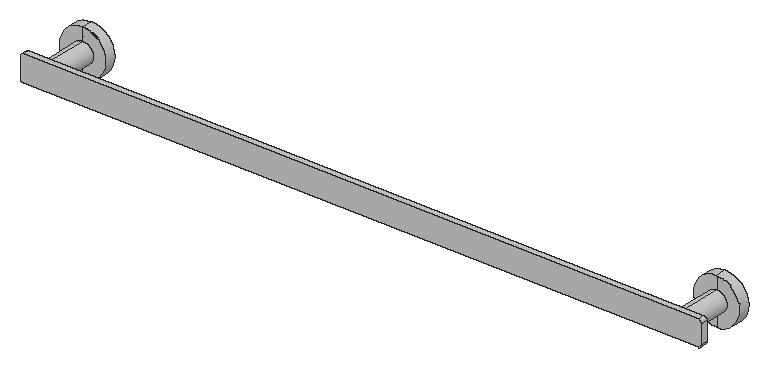
Revit family "Reece_Accessory_Milli_Marle Edit_Single Towel Rail", category Plumbing Fixtures, host Face, Revit 2018
Family settings
  Host = Face
  Round Connector Dimension = Use Diameter
  Part Type = Normal
  Cut with Voids When Loaded = Yes
  Shared = Yes
  Room Calculation Point = Yes
Parameters (values of type "600 mm_Brushed Nickel")
  URL = "https://www.reece.com.au/product/-9510546"
  Type Comments = "Accessory"
  Reece_Product_Web Page = "https://www.reece.com.au/product/-9510546"
  Reece_Product_Type = "Accessory"  # constant formula
  Reece_Product_Sub Brand = "Marle Edit"  # constant formula
  Reece_Product_Number = "9510546"
  Reece_Product_Mount = "Wall Mounted"
  Reece_Product_Description = "Milli Marle Edit Single Towel Rail 600mm Brushed Nickel"
  Reece_Product_Brand = "Milli"  # constant formula
  Reece_Overall_Width = 645 mm
  Reece_Overall_Projection = 56 mm  # constant formula
  Reece_Material_Main = Reece_Brass_Brushed Nickel
  Reece_Height_From_Level = 1000 mm
  Reece_Fixing Point_Distance = 600 mm
  Reece_Detail_Shape = ""
  Reece_Detail_Installation = ""
  Reece_Detail_Disclaimer = "THIS FILE IS THE PROPERTY OF THE REECE GROUP. IT MAY NOT BE REPRODUCED, REVERSE-ENGINEERED OR MODIFIED. ANY REPUBLICATION, TRANSMISSION OR DISTRIBUTION FOR THE PURPOSE OF COMMERCIALLY EXPLOITING THE FILES IS PROHIBITED."  # constant formula
  Reece_Detail_Connector = ""
  Reece_Detail_Additional = "Single Towel Rail"  # constant formula
  Model = "Marle Edit"
  Manufacturer = "Milli"
  Keynote = "Product #9510546, Reece_Accessory_Milli_Marle Edit_Single Towel Rail - 600 mm_Brushed Nickel"
  Disclaimer = "THIS FILE IS THE PROPERTY OF THE REECE GROUP. IT MAY NOT BE REPRODUCED, REVERSE-ENGINEERED OR MODIFIED. ANY REPUBLICATION, TRANSMISSION OR DISTRIBUTION FOR THE PURPOSE OF COMMERCIALLY EXPLOITING THE FILES IS PROHIBITED."  # constant formula
  Description = "Milli Marle Edit Single Towel Rail 600mm Brushed Nickel"
  Default Elevation = 0 mm
Types (11, lengths in mm): name | URL | Reece_Product_Web Page | Reece_Product_Number | Reece_Product_Description | Reece_Overall_Width | Reece_Material_Main | Reece_Fixing Point_Distance | Keynote | Description
  (no name) | "https://www.reece.com.au/product/-9510632" | "https://www.reece.com.au/product/-9510632" | "9510632" | "Milli Marle Edit Single Towel Rail 600mm Brushed Gold" | 645 | Reece_Brass_Brushed Gold | 600 | "Product #9510632, Reece_Accessory_Milli_Marle Edit_Single Towel Rail -  " | "Milli Marle Edit Single Towel Rail 600mm Brushed Gold"
  600 mm_Brushed Gold | "https://www.reece.com.au/product/-9510632" | "https://www.reece.com.au/product/-9510632" | "9510632" | "Milli Marle Edit Single Towel Rail 600mm Brushed Gold" | 645 | Reece_Brass_Brushed Gold | 600 | "Product #9510632, Reece_Accessory_Milli_Marle Edit_Single Towel Rail - 600 mm_Brushed Gold" | "Milli Marle Edit Single Towel Rail 600mm Brushed Gold"
  600 mm_Brushed Gunmetal | "https://www.reece.com.au/product/-9510641" | "https://www.reece.com.au/product/-9510641" | "9510641" | "Milli Marle Edit Single Towel Rail 600mm Brushed Gunmetal" | 645 | Reece_Brass_Brushed Gunmetal | 600 | "Product #9510641, Reece_Accessory_Milli_Marle Edit_Single Towel Rail - 600 mm_Brushed Gunmetal" | "Milli Marle Edit Single Towel Rail 600mm Brushed Gunmetal"
  600 mm_Brushed Nickel | "https://www.reece.com.au/product/-9510546" | "https://www.reece.com.au/product/-9510546" | "9510546" | "Milli Marle Edit Single Towel Rail 600mm Brushed Nickel" | 645 | Reece_Brass_Brushed Nickel | 600 | "Product #9510546, Reece_Accessory_Milli_Marle Edit_Single Towel Rail - 600 mm_Brushed Nickel" | "Milli Marle Edit Single Towel Rail 600mm Brushed Nickel"
  600 mm_Chrome | "https://www.reece.com.au/product/-9511274" | "https://www.reece.com.au/product/-9511274" | "9511274" | "Milli Marle Edit Single Towel Rail 600mm Chrome" | 645 | Reece_Brass_Chrome | 600 | "Product #9511274, Reece_Accessory_Milli_Marle Edit_Single Towel Rail - 600 mm_Chrome" | "Milli Marle Edit Single Towel Rail 600mm Chrome"
  600 mm_Matte Black | "https://www.reece.com.au/product/-9511282" | "https://www.reece.com.au/product/-9511282" | "9511282" | "Milli Marle Edit Single Towel Rail 600mm Matte Black" | 645 | Reece_Brass_Matte Black | 600 | "Product #9511282, Reece_Accessory_Milli_Marle Edit_Single Towel Rail - 600 mm_Matte Black" | "Milli Marle Edit Single Towel Rail 600mm Matte Black"
  800 mm_Brushed Gold | "https://www.reece.com.au/product/-9510633" | "https://www.reece.com.au/product/-9510633" | "9510633" | "Milli Marle Edit Single Towel Rail 800mm Brushed Gold" | 845 | Reece_Brass_Brushed Gold | 800 | "Product #9510633, Reece_Accessory_Milli_Marle Edit_Single Towel Rail - 800 mm_Brushed Gold" | "Milli Marle Edit Single Towel Rail 800mm Brushed Gold"
  800 mm_Brushed Gunmetal | "https://www.reece.com.au/product/-9510642" | "https://www.reece.com.au/product/-9510642" | "9510642" | "Milli Marle Edit Single Towel Rail 800mm Brushed Gunmetal" | 845 | Reece_Brass_Brushed Gunmetal | 800 | "Product #9510642, Reece_Accessory_Milli_Marle Edit_Single Towel Rail - 800 mm_Brushed Gunmetal" | "Milli Marle Edit Single Towel Rail 800mm Brushed Gunmetal"
  800 mm_Brushed Nickel | "https://www.reece.com.au/product/-9510547" | "https://www.reece.com.au/product/-9510547" | "9510547" | "Milli Marle Edit Single Towel Rail 800mm Brushed Nickel" | 845 | Reece_Brass_Brushed Nickel | 800 | "Product #9510547, Reece_Accessory_Milli_Marle Edit_Single Towel Rail - 800 mm_Brushed Nickel" | "Milli Marle Edit Single Towel Rail 800mm Brushed Nickel"
  800 mm_Chrome | "https://www.reece.com.au/product/-9511275" | "https://www.reece.com.au/product/-9511275" | "9511275" | "Milli Marle Edit Single Towel Rail 800mm Chrome" | 845 | Reece_Brass_Chrome | 800 | "Product #9511275, Reece_Accessory_Milli_Marle Edit_Single Towel Rail - 800 mm_Chrome" | "Milli Marle Edit Single Towel Rail 800mm Chrome"
  800 mm_Matte Black | "https://www.reece.com.au/product/-9511283" | "https://www.reece.com.au/product/-9511283" | "9511283" | "Milli Marle Edit Single Towel Rail 800mm Matte Black" | 845 | Reece_Brass_Matte Black | 800 | "Product #9511283, Reece_Accessory_Milli_Marle Edit_Single Towel Rail - 800 mm_Matte Black" | "Milli Marle Edit Single Towel Rail 800mm Matte Black"
Reference planes
  plane 1 "Center (Front/Back)": y = 0
  plane 2 "Bottom Host Plane": z = -5
  plane 3 "Center (Left/Right)": x = 0
  plane 4: x = -300
  plane 5: x = 300
  plane 6: z = 1000
  plane 7: x = 322.5
  plane 8: x = -322.5
Forms (mm)
  Revolve 1, solid, material "Reece_Brass_Brushed Nickel" <- "Reece_Material_Main"
    sketch origin (-300, 0, 1200) x (0, -1, 0) y (0, 0, 1)
      loop
        line (0, -178) -> (0, -200) -> (49.95, -200) -> (49.95, -190.26) -> (9.978, -190.26) -> (9.978, -178) -> (0, -178)
      axis (0, -200) -> (49.95, -200)
    angle from 0 to 360
  Revolve 2, solid, material "Reece_Brass_Brushed Nickel" <- "Reece_Material_Main"
    sketch origin (300, 0, 1200) x (0, -1, 0) y (0, 0, 1)
      loop
        line (0, -178) -> (0, -200) -> (49.95, -200) -> (49.95, -190.26) -> (9.978, -190.26) -> (9.978, -178) -> (0, -178)
      axis (0, -200) -> (49.95, -200)
    angle from 0 to 360
  Extrusion 3, solid, material "Reece_Brass_Brushed Nickel" <- "Reece_Material_Main"
    sketch origin (300, -49.95, 1000) x (0, 0, 1) y (-1, 0, 0)
      loop
        line (12.175, -19.5) -> (12.175, 619.5)
        arc (12.175, 619.5) -> (11.296, 621.621) -> (9.175, 622.5) r 3
        line (9.175, 622.5) -> (-8.83, 622.5)
        arc (-8.83, 622.5) -> (-10.951, 621.621) -> (-11.83, 619.5) r 3
        line (-11.83, 619.5) -> (-11.83, -19.5)
        arc (-11.83, -19.5) -> (-10.951, -21.621) -> (-8.83, -22.5) r 3
        line (-8.83, -22.5) -> (9.175, -22.5)
        arc (9.175, -22.5) -> (11.296, -21.621) -> (12.175, -19.5) r 3
    from 0 to 6.05
Cuts and joins
  joined: Revolve 1, Revolve 2, Extrusion 3
Lines and regions (mm)
  model lines, style "InvisibleLines"
    curve 1: line (0, 0, -5) -> (0, 0, 1000)
Text (mm)
  text "Reece ©" at (2638.665, -2019.059, 3359.089), in view "Reece Preview"
  text "Reece Copyright © 2018, Reece Ltd." at (207.381, -210.061, 0), in view "Ref. Level"
Dimensions and locks
  locked: level to plane 2 "Bottom Host Plane" at 5
  locked: plane 6 to Revolve 2 at 22
  locked: plane 6 to Revolve 1 at 22
  "Reece_Fixing Point_Distance": plane 4 to plane 5
  "Reece_Height_From_Level": plane 6 to level
  "Reece_Overall_Width": plane 7 to plane 8
  Extrusion 3 to Extrusion 3 = 6.05 mm  (x2)
  plane 6 to level = 1000 mm  (x2)
  "Reece_Overall_Projection": Extrusion 3 to plane 1 "Center (Front/Back)"
  plane 8 to plane 7 = 645 mm
  plane 4 to plane 5 = 600 mm
  Extrusion 3 to plane 1 "Center (Front/Back)" = 56 mm
  plane 4 to plane 8 = 22.5 mm
  plane 5 to plane 7 = 22.5 mm
  equal spacing: plane 4, plane 3 "Center (Left/Right)", plane 5
  Revolve 1 sketch curve to Revolve 1 sketch curve to Revolve 1 sketch curve to Revolve 1 sketch curve to plane 6 to Revolve 1 sketch curve to Revolve 1 sketch curve = 0 mm locked, 12.26 mm locked, 0 mm locked, 9.74 mm locked, 0 mm locked, 0 mm locked
  Revolve 2 sketch curve to Revolve 2 sketch curve to Revolve 2 sketch curve to Revolve 2 sketch curve to plane 6 to Revolve 2 sketch curve = 0 mm locked, 12.26 mm locked, 0 mm locked, 9.74 mm locked, 0 mm locked
  cut or joined group of Revolve 1, Revolve 2, Extrusion 3 to cut or joined group of Revolve 1, Revolve 2, Extrusion 3 = 24.004 mm  (x2)
  cut or joined group of Revolve 1, Revolve 2, Extrusion 3 to cut or joined group of Revolve 1, Revolve 2, Extrusion 3 = 44 mm
  aligned and locked: Extrusion 3 to Revolve 1
  aligned and locked: plane 8 to Extrusion 3 sketch curve
  aligned and locked: Extrusion 3 sketch curve to plane 7
  aligned and locked: plane 6 to curve 1
  aligned and locked: plane 2 "Bottom Host Plane" to curve 1
  aligned and locked: plane 3 "Center (Left/Right)" to curve 1
Automatic sketch dimensions
  Revolve 1 sketch curve to plane 1 "Center (Front/Back)" = 0 mm
  plane 1 "Center (Front/Back)" to Revolve 1 sketch curve = 9.978 mm
  Revolve 1 sketch curve to Revolve 1 sketch curve = 39.973 mm
  Revolve 1 sketch curve to plane 1 "Center (Front/Back)" = 45.824 mm
  Revolve 1 sketch curve to Revolve 1 sketch curve = 45.952 mm
  Revolve 2 sketch curve to plane 1 "Center (Front/Back)" = 0 mm
  Revolve 2 sketch curve to plane 6 = 0 mm
  Revolve 2 sketch curve to plane 1 "Center (Front/Back)" = 9.978 mm
  Revolve 2 sketch curve to Revolve 2 sketch curve = 39.973 mm
  plane 1 "Center (Front/Back)" to Revolve 2 sketch curve = 45.824 mm
  Revolve 2 sketch curve to Revolve 2 sketch curve = 45.952 mm
  Extrusion 3 sketch curve to Extrusion 3 sketch curve = 3 mm  (x3)
  Extrusion 3 sketch curve to Extrusion 3 sketch curve = 18.004 mm  (x2)
